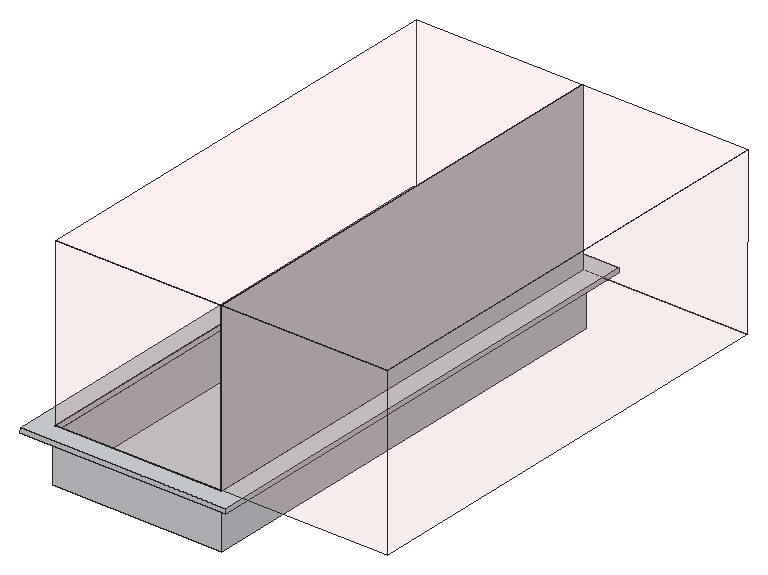
Revit family "Hager-VOLTA-Hollow_wall-IP30-With_Cover-Without_DIN-Hosted-DE-de", category Electrical Equipment, host Face, Revit 2023
Family settings
  Host = Face
  Panel Configuration = Two Columns, Circuits Across
  Round Connector Dimension = Use Diameter
  Part Type = Panelboard
  Cut with Voids When Loaded = No
  Maintain Annotation Orientation = Yes
  Shared = No
  Room Calculation Point = No
Parameters (values of type "VOLTA-Hollow_wall_W348_H880_D98_12_Modular_Spacing-VH60WWH")
  Width Control [instance] = if([HG000006-Flush mounted], if([EF000846 - Einbaubreite] > min_whd, [EF000846 - Einbaubreite], min_whd), if([EF000008 - Breite] > min_whd, ([EF000008 - Breite]), min_whd))  # 314.5 mm
  Void Depth [instance] = if([HG000006-Flush mounted], Depth Control, 1 mm)  # 89 mm
  Uniformat code = "D501001"
  Uniformat = "Low Tension Service & Dist."
  Type Comments = ""
  System Height [instance] = Height Control - 2 * [HG000005-Dicke]  # 841 mm
  Reference description = ""
  Reference = "VOLTA-Hollow_wall_W348_H880_D98_12_Modular_Spacing-VH60WWH"
  Object type = ""
  Name hager = "ADD_Enclosures_EC000214"
  Name BIM&CO = "Electricity"
  Name = "VOLTA-Hollow_wall-IP30-With_Cover-Without_DIN-DE"
  Model = ""
  HGEF0002950-Breite in Teilungseinheiten = 12
  HGEF000266-Anzahl der Reihen = 0
  HG000131 - Funktionell label [instance] = ""
  HG000130 - Functional name [instance] = ""
  HG000099-Onfly Template ID-de-DE = "507532"
  HG000060-RAL-number = "9010"
  HG000059 - Betriebsspannung [instance] = 230 V
  HG000017-Distanz zwischen den Polen = 18 mm
  HG000016-3D-Türsichtbarkeit = yes
  HG000015-Sichtbarkeit der Türöffnung = yes
  HG000014-Tür rechts = yes
  HG000013-Tür links = no
  HG000012-Türschwenkwinkel = 90.00°
  HG000011-Leere Reihen von unten = no
  HG000010-Asymmetrische Türen = no
  HG000009-Doppelflügeligen Tür = no
  HG000008-Anzahl der leeren Reihen = 0
  HG000007-Anzahl der leeren Spalten = 0
  HG000006-Flush mounted = yes
  HG000005-Dicke = 2 mm
  HG000004-Herstellerreferenz = "VH60WWH"
  HG000003-Bereich = "VOLTA"
  HG000002-Mit tür = yes
  HG000001-Anzahl der Spalten = 0
  GTIN (Global Trade Item Number) = ""
  ETIM class name = "Small distribution board"
  ETIM class code = "EC000214"
  EF015941 - Signaldurchlassende Tür = yes
  EF015777 - Neutralleiterklemmenblock = no
  EF015776 - Erdungsklemmenblock = no
  EF009212 - Ausführung Deckel = "mit Ausschnitt"
  EF006306 - Mit Schloss = no
  EF006244 - Transparenter Deckel/Tür = no
  EF005474 - Schutzart (IP) = "IP30"
  EF004464 - Art der Tür = ""
  EF004462 - Art der Schließung = "sonstige"
  EF002950 - Breite in Teilungseinheiten = 12
  EF001596 - Werkstoff des Gehäuses = ""
  EF001134 - DIN-Schiene = no
  EF001131 - Innentiefe = 0 mm
  EF001088 - Anbaumöglichkeit = yes
  EF001062 - EMV-Ausführung = no
  EF000846 - Einbaubreite = 314.5 mm
  EF000339 - Art der Abdeckung = ""
  EF000332 - Einbauhöhe = 845 mm
  EF000266 - Anzahl der Reihen = 0
  EF000218 - Einbautiefe = 89 mm
  EF000118 - Mit Montageplatte = yes
  EF000116 - RAL-Nummer = 9010
  EF000049 - Tiefe = 98 mm
  EF000040 - Höhe = 880 mm
  EF000024 - UV-beständig = no
  EF000008 - Breite = 348 mm
  EF000007 - Farbe = "weiß"
  EF000003 - Montageart = "Hohlwand"
  Creation Date = "12/15/2025 21:44:53"
  Code hager = "ADD-EC000214_EU"
  BIM&CO code = ""
  BC_VARIANT_ID = "1174190"
  BC_OBJECT_VERSION = "#3"  # constant formula
  BC_OBJECT_ID = "513479"  # constant formula
  BC_MODEL_ID = "1547175"  # constant formula
  Arrow Offset [instance] = Depth Control / 8  # 11.125 mm
  Arrow Height [instance] = Depth Control - Arrow Offset  # 77.875 mm
  Host Offset [instance] = if([HG000006-Flush mounted], 0 mm, [EF000049 - Tiefe])  # 0 mm
  min_whd [instance] = (2 * [HG000005-Dicke]) + 1 mm  # 5 mm
  Manufacturer = "Hager"  # constant formula
  Height Control [instance] = if([HG000006-Flush mounted], if([EF000332 - Einbauhöhe] > min_whd, [EF000332 - Einbauhöhe], min_whd), if([EF000040 - Höhe] > min_whd, ([EF000040 - Höhe]), min_whd))  # 845 mm
  Flush Mounted - Door Frame Width [instance] = if(([EF000040 - Höhe] - [EF000332 - Einbauhöhe]) > 0 mm, if([HG000006-Flush mounted], [EF000040 - Höhe] - [EF000332 - Einbauhöhe], 0 mm), 0 mm)  # 35 mm
  Depth Control [instance] = if([HG000006-Flush mounted], if([EF000218 - Einbautiefe] > 0 mm, [EF000218 - Einbautiefe], 1 mm), if([EF000049 - Tiefe] > 0 mm, ([EF000049 - Tiefe]), 1 mm))  # 89 mm
  Default Elevation = 0 mm
Types (6, lengths in mm): name | System Height | Reference | HG000004-Herstellerreferenz | EF015941 - Signaldurchlassende Tür | EF000332 - Einbauhöhe | EF000040 - Höhe | BC_VARIANT_ID | Height Control
  VOLTA-Hollow_wall_W348_H630_D98_12_Modular_Spacing-VH36NW | 591 | "VOLTA-Hollow_wall_W348_H630_D98_12_Modular_Spacing-VH36NW" | "VH36NW" | no | 595 | 630 | "1174185" | 595
  VOLTA-Hollow_wall_W348_H630_D98_12_Modular_Spacing-VH36WWH | 591 | "VOLTA-Hollow_wall_W348_H630_D98_12_Modular_Spacing-VH36WWH" | "VH36WWH" | yes | 595 | 630 | "1174186" | 595
  VOLTA-Hollow_wall_W348_H755_D98_12_Modular_Spacing-VH48NW | 716 | "VOLTA-Hollow_wall_W348_H755_D98_12_Modular_Spacing-VH48NW" | "VH48NW" | no | 720 | 755 | "1174187" | 720
  VOLTA-Hollow_wall_W348_H755_D98_12_Modular_Spacing-VH48WWH | 716 | "VOLTA-Hollow_wall_W348_H755_D98_12_Modular_Spacing-VH48WWH" | "VH48WWH" | yes | 720 | 755 | "1174188" | 720
  VOLTA-Hollow_wall_W348_H880_D98_12_Modular_Spacing-VH60NW | 841 | "VOLTA-Hollow_wall_W348_H880_D98_12_Modular_Spacing-VH60NW" | "VH60NW" | no | 845 | 880 | "1174189" | 845
  VOLTA-Hollow_wall_W348_H880_D98_12_Modular_Spacing-VH60WWH | 841 | "VOLTA-Hollow_wall_W348_H880_D98_12_Modular_Spacing-VH60WWH" | "VH60WWH" | yes | 845 | 880 | "1174190" | 845
Reference planes
  plane 1 "Center (Front/Back)": y = 0
  plane 2: z = 0
  plane 3 "Center (Left/Right)": x = 0
  plane 4: z = 0
  plane 5: y = 37
  plane 6: z = -5
  plane 7: y = 457.5
  plane 8: y = 35
  plane 9: y = 880
  plane 10: z = -89
  plane 11: x = -157.25
  plane 12: x = 157.25
  plane 13: x = 155.25
  plane 14: x = -155.25
  plane 15: y = 878
  plane 16: z = -87
  plane 17: z = -2
  plane 18: z = -89
  plane 19: z = -2
  plane 20 "Annotation H": y = -100
  plane 21 "Annotation V": x = 457.25
Forms (mm)
  Extrusion 1, solid
    sketch origin (-583.045, 35, 1219.2) x (-1, 0, 0) y (0, 0, 1)
      loop
        line (-425.795, -1219.2) -> (-740.295, -1219.2) -> (-740.295, -1308.2) -> (-425.795, -1308.2) -> (-425.795, -1219.2)
    from 0 to 845 <- "Height Control"
  Extrusion 2, void
    sketch origin (-381.607, -4572, 0) x (0, -1, 0) y (-1, 0, 0)
      loop
        line (-5450, -226.357) -> (-5450, -536.857) -> (-4609, -536.857) -> (-4609, -226.357) -> (-5450, -226.357)
    from 0 to 87
  Extrusion 3, void
    sketch origin (0, 0, 0) x (1, 0, 0) y (0, 1, 0)
      loop
        line (-157.25, 35) -> (157.25, 35) -> (157.25, 880) -> (-157.25, 880) -> (-157.25, 35)
    from -89 to 1
  Extrusion 4, solid, detail levels coarse+medium
    sketch origin (-381.607, -4572, 0) x (-1, 0, 0) y (0, -1, 0)
      loop
        line (-226.357, -5450) -> (-226.357, -4609) -> (-536.857, -4609) -> (-536.857, -5450) -> (-226.357, -5450)
    from 0 to -2
Cuts and joins
  Extrusion 2 cuts Extrusion 1
Dimensions and locks
  plane 4 to plane 6 = 5 mm
  "Host Offset": plane 4 to host face
  "Flush Mounted - Door Frame Width": plane 1 "Center (Front/Back)" to plane 8
  "HG000005-Dicke": plane 5 to plane 8
  locked: connector elem to plane 3 "Center (Left/Right)"
  "Height Control": plane 9 to plane 8
  equal spacing: plane 9, plane 7, plane 8
  locked: connector elem to plane 7
  "Depth Control": plane 4 to plane 10
  "HG000005-Dicke": plane 11 to plane 14
  "HG000005-Dicke": plane 12 to plane 13
  equal spacing: plane 11, plane 3 "Center (Left/Right)", plane 12
  "Width Control": plane 11 to plane 12
  "Arrow Offset": nested 4 to plane 10
  "HG000005-Dicke": plane 9 to plane 15
  "HG000005-Dicke": plane 16 to plane 10
  "HG000005-Dicke": plane 4 to plane 17
  "Void Depth": plane 2 to plane 18
  "HG000005-Dicke": plane 4 to plane 19
  locked: plane 20 "Annotation H" to plane 1 "Center (Front/Back)" at 100
  locked: plane 12 to plane 21 "Annotation V" at 300
  aligned and locked: plane 2 to host face
  aligned and locked: level to host face
  aligned and locked: plane 3 "Center (Left/Right)" to nested 2
  aligned and locked: plane 4 to nested 2
  aligned and locked: nested 2 to plane 8
  aligned and locked: nested 1 to plane 6
  aligned and locked: plane 5 to nested 1
  aligned and locked: nested 4 to plane 11
  aligned and locked: nested 3 to plane 4
  aligned and locked: Extrusion 1 sketch curve to plane 12
  aligned and locked: Extrusion 1 sketch curve to plane 11
  aligned and locked: nested 3 to plane 10
  aligned and locked: plane 10 to Extrusion 1 sketch curve
  aligned and locked: plane 5 to Extrusion 2 sketch curve
  aligned and locked: Extrusion 2 sketch curve to plane 15
  aligned and locked: Extrusion 2 sketch curve to plane 14
  aligned and locked: Extrusion 2 sketch curve to plane 13
  aligned and locked: plane 11 to Extrusion 3 sketch curve
  aligned and locked: plane 9 to Extrusion 3 sketch curve
  aligned and locked: Extrusion 3 sketch curve to plane 8
  aligned and locked: plane 12 to Extrusion 3 sketch curve
  aligned and locked: nested 3 to plane 12
  aligned and locked: Extrusion 3 to plane 18
  aligned and locked: Extrusion 2 to plane 16
  aligned and locked: Extrusion 1 sketch curve to plane 4
  aligned and locked: Extrusion 4 to plane 17
  aligned and locked: Extrusion 4 sketch curve to plane 15
  aligned and locked: Extrusion 4 sketch curve to plane 13
  aligned and locked: Extrusion 4 sketch curve to plane 14
  aligned and locked: plane 5 to Extrusion 4 sketch curve
  aligned and locked: nested 5 to plane 21 "Annotation V"
  aligned and locked: plane 20 "Annotation H" to nested 5
Automatic sketch dimensions
  host sketch curve to host sketch curve = 1469.727 mm
  host sketch curve to host sketch curve = 1434.803 mm
Nested families
  nested 1: "Hager_Enclosure_System" at (0, 37, -5) x (1, 0, 0) z (0, 1, 0), Height <- "System Height", Flush_Mounted <- "HG000006-Flush mounted", Width_Control <- "Width Control", Built-in_Width <- "EF000846 - Einbaubreite", Width <- "EF000008 - Breite", Depth <- "HG000005-Dicke", Border <- "HG000005-Dicke", Distance_Between_Poles <- "HG000017-Distanz zwischen den Polen", Empty_Columns <- "HG000007-Anzahl der leeren Spalten", Total_No_Empty_Rows <- "HG000008-Anzahl der leeren Reihen", Empty_Rows_From_Bottom <- "HG000011-Leere Reihen von unten", Columns_Count <- "HG000001-Anzahl der Spalten", Rows_Count <- "HGEF000266-Anzahl der Reihen", Row_Module_Multiplicator <- "HGEF0002950-Breite in Teilungseinheiten", type "Hager_Enclosure_System", detail levels fine
    with Width_Control 314.5 mm, Width 348 mm, Total_No_Rows 0, Total_No_Empty_Rows 0, Total_No_Columns 1, System_Width 310.5 mm, Rows_Count 0, Rows_Column 0, Row_Module_Multiplicator 12, Panel_4 no, Panel_3 no, Panel_2 no, Panel_1 no, No_Panels_Ctrl 1, Hide_Columns yes, Height 841 mm, Flush_Mounted yes, Empty_Rows_From_Bottom no, Empty_Rows_Column 0, Empty_Columns 0, Empty column 4 0, Empty column 3 0, Empty column 2 0, Empty column 1 0, Distance_Between_Poles 18 mm, Depth 2 mm, Columns_Count 0, Column_Width 310.5 mm, Built-in_Width 314.5 mm, Border 2 mm
  nested 2: "Hager_Enclosure_Door" at (0, 35, 0) x (1, 0, 0) z (0, 1, 0), Flush_Mounted <- "HG000006-Flush mounted", Height_Ctrl <- "Height Control", Width_Ctrl <- "Width Control", BuiltIn_Depth <- "EF000218 - Einbautiefe", Depth <- "EF000049 - Tiefe", BuiltIn_Width <- "EF000846 - Einbaubreite", Height <- "EF000040 - Höhe", BuiltIn_Height <- "EF000332 - Einbauhöhe", Width <- "EF000008 - Breite", Transparent <- "EF006244 - Transparenter Deckel/Tür", Border <- "HG000005-Dicke", Door <- "HG000002-Mit tür", Double <- "HG000009-Doppelflügeligen Tür", Assymetrical <- "HG000010-Asymmetrische Türen", Angle <- "HG000012-Türschwenkwinkel", Door_Left <- "HG000013-Tür links", Door_Right <- "HG000014-Tür rechts", Clearance <- "HG000015-Sichtbarkeit der Türöffnung", 3d_Door <- "HG000016-3D-Türsichtbarkeit", type "Hager_Enclosure_Door", detail levels medium+fine
    with min_wh 5 mm, Width_Ctrl 314.5 mm, Width 348 mm, Transparent_Door_No_Bottom_Border no, Transparent no, Leaf_Width 307.5 mm, Leaf_Tolerance 1.5 mm, Leaf_Height 838 mm, Leaf_2_Width 307.5 mm, Leaf_2_Offset 153.75 mm, Leaf_1_Width 307.5 mm, Leaf_1_Offset 153.75 mm, Height_Ctrl 845 mm, Height 880 mm, Frame_Width_Ctrl 33.5 mm, Frame_Width 33.5 mm, Frame_Internal_Offset 2 mm, Frame_Height_Ctrl 35 mm, Frame_Height 35 mm, Frame_Depth_Ctrl 9 mm, Frame_Depth 9 mm, Flush_Mounted yes, Double_Clearance_Ctrl no, Double no, Door_Right_Ctrl yes, Door_Right yes, Door_Left_Ctrl no, Door_Left no, Door yes, Depth 98 mm, Clearance_Depth 307.5 mm, Clearance_Ctrl yes, Clearance yes, BuiltIn_Width 314.5 mm, BuiltIn_Height 845 mm, BuiltIn_Depth 89 mm, Border 2 mm, Assymetrical no, Angle 90.00°, 3d_Door yes
  nested 3: "Hager_Enclosure_Symbol_Triangle" at (-157.25, 0, -89) x (1, 0, 0) z (0, -1, 0), Depth <- "Depth Control", Width <- "Width Control", type "Hager_Enclosure_Symbol_Triangle"
    with Width_Ctrl 314.5 mm, Width 314.5 mm, Depth_Ctrl 89 mm, Depth 89 mm
  nested 4: "Hager_Enclosure_Symbol_Arrow" at (-157.25, 0, -77.875) x (1, 0, 0) z (0, -1, 0), Height <- "Arrow Height", type "Hager_Enclosure_Symbol_Arrow"
    with Width_Inside 5.841 mm, Width 70.087 mm, Height_Ctrl 77.875 mm, Height 77.875 mm
  nested 5: "Hager_Annotation-HG000130" at (457.25, -100, 0) x (-1, 0, 0) z (0, 0, 1), HG000130 - Functional name <- "HG000130 - Functional name", type "Hager_Annotation-HG000130"
    with HG000130 - Functional name ""
Connectors
  electrical at (0, 457.5, -89)
    settings: on plane 10, index 1, voltage 0 V, apparent load 0 VA, apparent load phase1 0 VA, apparent load phase2 0 VA, apparent load phase3 0 VA, power factor 1, load classification "Other", number of poles 1, system type 30, power factor state 1, is connector primary yes, connector utility no, sub classification motor no, connector description ""
Definition of nested family "Hager_Enclosure_Door"
  Parameters (values of type "Hager_Enclosure_Door")
    min_wh [instance] = (2 * Border) + 1 mm  # 11 mm
    Width_Ctrl [instance] = 400 mm
    Width [instance] = 500 mm
    Transparent_Door_No_Bottom_Border [instance] = no
    Transparent [instance] = yes
    Leaf_Width [instance] = if((Width_Ctrl - 2 * Border - 2 * Leaf_Tolerance) > 0 mm, (Width_Ctrl - 2 * Border - 2 * Leaf_Tolerance), min_wh)  # 387 mm
    Leaf_Tolerance [instance] = 1.5 mm  # constant formula
    Leaf_Height [instance] = if((Height_Ctrl - 2 * Border - 2 * Leaf_Tolerance) > 0 mm, (Height_Ctrl - 2 * Border - 2 * Leaf_Tolerance), min_wh)  # 387 mm
    Leaf_2_Width [instance] = if(and(and(Double, Assymetrical), Door_Left), (Leaf_Width / 3) - (Leaf_Tolerance / 2), if(and(and(Double, Assymetrical), Door_Right), (Leaf_Width / 3) * 2 - (Leaf_Tolerance / 2), if(and(Double, not(Assymetrical)), (Leaf_Width / 2) - Leaf_Tolerance, Leaf_Width)))  # 387 mm
    Leaf_2_Offset [instance] = if(and(Double, Assymetrical), Leaf_2_Width / 2, if(and(Double, not(Assymetrical)), Leaf_Width / 4, Leaf_Width / 2))  # 193.5 mm
    Leaf_1_Width [instance] = if(and(and(Double, Assymetrical), Door_Right), (Leaf_Width / 3) - (Leaf_Tolerance / 2), if(and(and(Double, Assymetrical), Door_Left), (Width / 3) * 2 - (Leaf_Tolerance / 2), if(and(Double, not(Assymetrical)), (Leaf_Width / 2) - Leaf_Tolerance, Leaf_Width)))  # 387 mm
    Leaf_1_Offset [instance] = if(and(Double, Assymetrical), Leaf_1_Width / 2, if(and(Double, not(Assymetrical)), Leaf_Width / 4, Leaf_Width / 2))  # 193.5 mm
    Height_Ctrl [instance] = 400 mm
    Height [instance] = 500 mm
    Frame_Width_Ctrl [instance] = if(Frame_Width > 0 mm, Frame_Width, 1 mm)  # 1 mm
    Frame_Width [instance] = Width - BuiltIn_Width  # 0 mm
    Frame_Internal_Offset [instance] = if(Flush_Mounted, Border, 0 mm)  # 5 mm
    Frame_Height_Ctrl [instance] = if(Frame_Height > 0 mm, Frame_Height, 1 mm)  # 1 mm
    Frame_Height [instance] = Height - BuiltIn_Height  # 0 mm
    Frame_Depth_Ctrl [instance] = if(Frame_Depth > 0 mm, Frame_Depth, 1 mm)  # 1 mm
    Frame_Depth [instance] = if(Depth - BuiltIn_Depth > 0 mm, if(Flush_Mounted, Depth - BuiltIn_Depth, 0 mm), 0 mm)  # 0 mm
    Flush_Mounted [instance] = yes
    Double_Clearance_Ctrl [instance] = and(Double, Clearance)  # no
    Double [instance] = no
    Door_Right_Ctrl [instance] = and(or(Door_Right, Double), Door)  # yes
    Door_Right [instance] = yes
    Door_Left_Ctrl [instance] = and(or(Door_Left, Double), Door)  # no
    Door_Left [instance] = no
    Door [instance] = yes
    Depth [instance] = 500 mm
    Default Elevation = 1219.2 mm
    Clearance_Material = none
    Clearance_Depth [instance] = if(Leaf_1_Width > Leaf_2_Width, Leaf_1_Width, Leaf_2_Width)  # 387 mm
    Clearance_Ctrl [instance] = and(not(Double), Clearance)  # yes
    Clearance [instance] = yes
    BuiltIn_Width [instance] = 500 mm
    BuiltIn_Height [instance] = 500 mm
    BuiltIn_Depth [instance] = 500 mm
    Border [instance] = 5 mm
    Assymetrical [instance] = yes
    Angle [instance] = 30.00°
    3d_Door [instance] = yes
  Reference planes
    plane 1 "Center (Front/Back)": y = 0
    plane 2 "Bottom": z = 0
    plane 3 "Center (Left/Right)": x = 0
    plane 4: z = 400
    plane 5: x = -200
    plane 6: x = 200
    plane 7: z = 395
    plane 8: x = -195
    plane 9: z = 5
    plane 10: x = 195
    plane 11: y = 0
    plane 12: z = 6.5
    plane 13: x = -582
    plane 14: y = -387
    plane 15: x = 582
    plane 16: x = 0
    plane 17: x = 0
    plane 18: x = -193.5
    plane 19: x = 193.5
    plane 20: z = 393.5
  Forms (mm)
    Extrusion 1, solid, visible <- "Flush_Mounted"
      sketch origin (0, 0, 0) x (1, 0, 0) y (0, 0, 1)
        loop
          line (195, 5) -> (195, 395) -> (-195, 395) -> (-195, 5) -> (195, 5)
        loop
          line (-201, 401) -> (-201, -1) -> (201, -1) -> (201, 401) -> (-201, 401)
      from 0 to 1 <- "Frame_Depth_Ctrl"
    Extrusion 2, solid, material <- "Clearance_Material", visible <- "Double_Clearance_Ctrl"
      sketch origin (1200, 0, 0) x (1, 0, 0) y (0, 0, -1)
        loop
          line (-1782, -393.5) -> (-618, -393.5) -> (-618, 0) -> (-1782, 0) -> (-1782, -393.5)
      from 0 to -387
  Dimensions and locks
    equal spacing: plane 5, plane 3 "Center (Left/Right)", plane 6
    "Width_Ctrl": plane 5 to plane 6
    "Border": plane 5 to plane 8
    "Border": plane 6 to plane 10
    "Border": plane 9 to level
    "Border": plane 4 to plane 7
    "Height_Ctrl": plane 4 to level
    "Leaf_Tolerance": plane 12 to plane 9
    "Frame_Depth": plane 11 to plane 1 "Center (Front/Back)"
    "Frame_Width_Ctrl": plane 5 to Extrusion 1 sketch curve
    "Frame_Width_Ctrl": plane 6 to Extrusion 1 sketch curve
    "Frame_Width_Ctrl": Extrusion 1 sketch curve to plane 4
    "Frame_Width_Ctrl": plane 2 "Bottom" to Extrusion 1 sketch curve
    "Leaf_1_Offset": plane 18 to plane 16
    "Leaf_2_Offset": plane 17 to plane 19
    "Leaf_1_Width": plane 13 to plane 8
    "Leaf_2_Width": plane 10 to plane 15
    "Clearance_Depth": plane 14 to plane 1 "Center (Front/Back)"
    "Leaf_Tolerance": plane 8 to plane 18
    "Leaf_Tolerance": plane 19 to plane 10
    "Leaf_Tolerance": plane 7 to plane 20
    "Frame_Internal_Offset": plane 5 to Extrusion 1 sketch curve
    "Frame_Internal_Offset": Extrusion 1 sketch curve to plane 2 "Bottom"
    "Frame_Internal_Offset": plane 6 to Extrusion 1 sketch curve
    "Frame_Internal_Offset": plane 4 to Extrusion 1 sketch curve
    aligned and locked: level to plane 2 "Bottom"
    aligned and locked: nested 1 to plane 16
    aligned and locked: nested 2 to plane 17
    aligned and locked: Extrusion 2 to plane 13
    aligned and locked: plane 15 to Extrusion 2
    aligned and locked: Extrusion 2 to plane 14
    aligned and locked: plane 12 to nested 1
    aligned and locked: nested 2 to plane 12
    aligned and locked: Extrusion 2 to plane 11
    aligned and locked: plane 20 to Extrusion 2
    aligned and locked: nested 2 to plane 11
    aligned and locked: nested 1 to plane 11
  Automatic sketch dimensions
    Extrusion 2 sketch curve to level = 0 mm
    plane 5 to Extrusion 2 sketch curve = 382 mm
    plane 6 to Extrusion 2 sketch curve = 382 mm
    Extrusion 2 sketch curve to plane 4 = 6.5 mm
  Nested families
    nested 1: "Hager_Enclosure_Door_Leaf" at (0, 0, 6.5), Width <- "Leaf_1_Width", visible <- "Door_Left_Ctrl", Leaf_Height <- "Leaf_Height", Angle <- "Angle", Depth <- "Border", 3d_Door <- "3d_Door", Transparent <- "Transparent", Clearance Material <- "Clearance_Material", Clearance <- "Clearance_Ctrl", Transparent_Door_No_Bottom_Border <- "Transparent_Door_No_Bottom_Border", type "Hager_Enclosure_Door_Leaf"
      with Width 387 mm, Transparent_Door_No_Bottom_Border no, Transparent_Door_Border_Bottom_Top 25 mm, Transparent_Door_Border 25 mm, Transparent_Ctrl yes, Transparent yes, Standard no, Leaf_Height 387 mm, Glass_Offset 1 mm, Depth 5 mm, Clearance Material none, Clearance yes, Angle_Ctrl 30.00°, Angle 30.00°, 3d_Door yes
    nested 2: "Hager_Enclosure_Door_Leaf" at (0, 0, 6.5) x (-1, 0, 0) z (0, 0, 1), Width <- "Leaf_2_Width", visible <- "Door_Right_Ctrl", Leaf_Height <- "Leaf_Height", Angle <- "Angle", Depth <- "Border", 3d_Door <- "3d_Door", Transparent <- "Transparent", Clearance Material <- "Clearance_Material", Clearance <- "Clearance_Ctrl", Transparent_Door_No_Bottom_Border <- "Transparent_Door_No_Bottom_Border", type "Hager_Enclosure_Door_Leaf"
      with Width 387 mm, Transparent_Door_No_Bottom_Border no, Transparent_Door_Border_Bottom_Top 25 mm, Transparent_Door_Border 25 mm, Transparent_Ctrl yes, Transparent yes, Standard no, Leaf_Height 387 mm, Glass_Offset 1 mm, Depth 5 mm, Clearance Material none, Clearance yes, Angle_Ctrl 30.00°, Angle 30.00°, 3d_Door yes
  Definition of nested family "Hager_Enclosure_Door_Leaf"
    Parameters (values of type "Hager_Enclosure_Door_Leaf")
      Width [instance] = 2000 mm
      Transparent_Door_No_Bottom_Border [instance] = yes
      Transparent_Door_Border_Bottom_Top [instance] = if(Transparent_Door_No_Bottom_Border, 0.1 mm, Transparent_Door_Border)  # 0.1 mm
      Transparent_Door_Border [instance] = if(Transparent_Door_No_Bottom_Border, (Width * 0.12), 25 mm)  # 240 mm
      Transparent_Ctrl [instance] = and(Transparent, [3d_Door])  # yes
      Transparent [instance] = yes
      Standard [instance] = and(not(Transparent), [3d_Door])  # no
      Leaf_Height [instance] = 2720.336 mm
      Glass_Offset [instance] = if((Depth - 10 mm) / 2 > 0 mm, (Depth - 10 mm) / 2, 1 mm)  # 15 mm
      Glass_Material = none
      Depth [instance] = 40 mm
      Default Elevation = 0 mm
      Clearance Material [instance] = none
      Clearance [instance] = yes
      Angle_Ctrl [instance] = if(Angle > 170.00°, 170.00°, Angle)  # 45.00°
      Angle [instance] = 45.00°
      3d_Door [instance] = yes
    Reference planes
      plane 1 "Center (Front/Back)": y = 0
      plane 2: z = 0
      plane 3 "Center (Left/Right)": x = 0
      plane 4: y = 2000
      plane 5: x = -1000
      plane 6: x = 1000
      plane 7: x = -3000
      plane 8: z = 2720.336
      plane 9: z = 0.1
      plane 10: z = 2720.236
      plane 11: x = 760
      plane 12: x = -760
    Forms (mm)
      Extrusion 1, solid, material <- "Clearance Material", visible <- "Clearance"
        sketch origin (0, 0, 0) x (1, 0, 0) y (0, 0, 1)
          loop
            line (-3000, 2720.336) -> (-3000, 0) -> (1000, 0) -> (1000, 2720.336) -> (-3000, 2720.336)
        from 0 to -2000
      Extrusion 2, solid, visible <- "Standard", detail levels medium+fine
        sketch origin (-1000, 0, 0) x (0.707107, 0.707107, 0) y (-0.707107, 0.707107, 0)
          loop
            line (0, -40) -> (2000, -40) -> (2000, 0) -> (0, 0) -> (0, -40)
        from 0 to 2720.336 <- "Leaf_Height"
      Extrusion 3, solid, visible <- "Transparent_Ctrl", detail levels medium+fine
        sketch origin (-1000, 0, 0) x (0.707107, 0.707107, 0) y (-0.707107, 0.707107, 0)
          loop
            line (0, -40) -> (2000, -40) -> (2000, 0) -> (0, 0) -> (0, -40)
        from 0 to 2720.336 <- "Leaf_Height"
      Extrusion 4, void, detail levels medium+fine
        sketch origin (-1000, 0, 0) x (-0.707107, 0.707107, 0) y (0.707107, 0.707107, 0)
          loop
            line (0, 240) -> (0, 1760) -> (-40, 1760) -> (-40, 240) -> (0, 240)
        from -2720.236 to -0.1
      Extrusion 5, solid, material <- "Glass_Material", visible <- "Transparent_Ctrl", detail levels medium+fine
        sketch origin (-1000, 0, 0) x (0.707107, 0.707107, 0) y (-0.707107, 0.707107, 0)
          loop
            line (240, -15) -> (240, -25) -> (1760, -25) -> (1760, -15) -> (240, -15)
        from 0.1 to 2720.236
    Cuts and joins
      Extrusion 4 cuts Extrusion 3
    Lines and regions (mm)
      symbolic lines
        curve 1: line (1000, 0, 0) -> (-3000, 0, 0)
        curve 2: arc (1000, 0, 0) -> (-1000, 2000, 0) -> (-3000, 0, 0) r 2000
        curve 4: line (-1000, 0, 0) -> (414.214, 1414.214, 0)
      reference lines
        curve 3: line (-1000, 0, 0) -> (414.214, 1414.214, 0)
      symbolic lines, detail levels medium+fine
        curve 5: line (414.214, 1414.214, 0) -> (442.498, 1385.929, 0)
        curve 6: line (442.498, 1385.929, 0) -> (-971.716, -28.284, 0)
        curve 7: line (-971.716, -28.284, 0) -> (-1000, 0, 0)
        curve 8: line (-1000, 0, 2720.336) -> (1000, 0, 2720.336)
        curve 9: line (-1000, 0, 0) -> (-1000, 0, 2720.336)
        curve 10: line (1000, 0, 0) -> (-1000, 0, 0)
        curve 11: line (1000, 0, 2720.336) -> (1000, 0, 0)
      symbolic lines, visible <- "Transparent_Ctrl", detail levels medium+fine
        curve 12: line (-760, 0, 2720.236) -> (760, 0, 2720.236)
        curve 13: line (-760, 0, 0.1) -> (-760, 0, 2720.236)
        curve 14: line (760, 0, 0.1) -> (-760, 0, 0.1)
        curve 15: line (760, 0, 2720.236) -> (760, 0, 0.1)
    Dimensions and locks
      "Width": plane 1 "Center (Front/Back)" to plane 4
      equal spacing: plane 5, plane 3 "Center (Left/Right)", plane 6
      "Width": plane 5 to plane 6
      "Width": plane 7 to plane 5
      "Leaf_Height": plane 8 to level
      "Depth": curve 6 to curve 3
      "Width": curve 5 to curve 3
      "Width": curve 3 to curve 3
      "Transparent_Door_Border": Extrusion 4 sketch curve to curve 7
      "Transparent_Door_Border": Extrusion 4 sketch curve to curve 5
      "Transparent_Door_Border_Bottom_Top": plane 8 to plane 10
      "Transparent_Door_Border_Bottom_Top": plane 9 to level
      "Glass_Offset": Extrusion 5 sketch curve to curve 4
      "Glass_Offset": Extrusion 5 sketch curve to curve 6
      "Transparent_Door_Border": Extrusion 5 sketch curve to curve 5
      "Transparent_Door_Border": Extrusion 5 sketch curve to curve 7
      "Transparent_Door_Border": plane 12 to plane 5
      "Transparent_Door_Border": plane 6 to plane 11
      "Angle_Ctrl": angle plane 1 "Center (Front/Back)" to curve 3
      aligned and locked: level to plane 2
      aligned and locked: Extrusion 1 to curve 1
      aligned and locked: plane 6 to Extrusion 1
      aligned and locked: Extrusion 1 to plane 1 "Center (Front/Back)"
      aligned and locked: plane 4 to Extrusion 1
      aligned and locked: plane 8 to Extrusion 1
      aligned and locked: curve 4 to curve 3
      aligned and locked: Extrusion 2 sketch curve to curve 7
      aligned and locked: Extrusion 2 sketch curve to curve 6
      aligned and locked: Extrusion 2 sketch curve to curve 5
      aligned and locked: Extrusion 2 sketch curve to curve 3
      aligned and locked: curve 7 to Extrusion 3 sketch curve
      aligned and locked: Extrusion 3 sketch curve to curve 4
      aligned and locked: Extrusion 3 sketch curve to curve 6
      aligned and locked: Extrusion 3 sketch curve to curve 5
      aligned and locked: curve 4 to Extrusion 4 sketch curve
      aligned and locked: curve 6 to Extrusion 4 sketch curve
      aligned and locked: Extrusion 4 to plane 9
      aligned and locked: Extrusion 4 to plane 10
      aligned and locked: Extrusion 5 to plane 9
      aligned and locked: Extrusion 5 to plane 10
      aligned and locked: curve 8 to plane 8
      aligned and locked: plane 5 to curve 9
      aligned and locked: plane 2 to curve 10
      aligned and locked: curve 11 to plane 6
      aligned and locked: plane 10 to curve 12
      aligned and locked: plane 12 to curve 13
      aligned and locked: curve 14 to plane 9
      aligned and locked: plane 11 to curve 15
    Automatic sketch dimensions
      plane 1 "Center (Front/Back)" to curve 2 = 0 mm
      curve 2 to plane 5 = 0 mm
      Extrusion 1 sketch curve to level = 0 mm
      Extrusion 1 sketch curve to plane 7 = 0 mm
      Extrusion 1 sketch curve to plane 6 = 0 mm
      Extrusion 1 sketch curve to plane 8 = 0 mm
      plane 1 "Center (Front/Back)" to curve 3 = 0 mm
      curve 3 to plane 5 = 0 mm
      curve 7 to curve 3 = 0 mm
Definition of nested family "Hager_Enclosure_Symbol_Triangle"
  Parameters (values of type "Hager_Enclosure_Symbol_Triangle")
    Width_Ctrl [instance] = if(Width > 1 mm, Width, 1 mm)  # 498 mm
    Width [instance] = 498 mm
    Depth_Ctrl [instance] = if(Depth > 1 mm, Depth, 1 mm)  # 72 mm
    Depth [instance] = 72 mm
  Reference planes
    plane 1 "Centre (avant/arrière)": y = 0
    plane 2: z = 0
    plane 3 "Centre (gauche/droite)": x = 0
  Lines and regions (mm)
    Filled region 1, type "Solid_Black", in view "Niveau de réf."
      outline origin (0, 0, 0) x (1, 0, 0) y (0, 1, 0)
        loop
          line (0, 0) -> (498, 0) -> (498, 72) -> (0, 0)
    reference lines, in view "Niveau de réf."
      curve 1: line (-206.153, 72, 0) -> (1083.258, 72, 0)
      curve 2: line (498, 405.456, 0) -> (498, -517.619, 0)
  Dimensions and locks
    "Depth_Ctrl": plane 1 "Centre (avant/arrière)" to curve 1
    "Width_Ctrl": plane 3 "Centre (gauche/droite)" to curve 2
    aligned and locked: curve 1 to Filled region 1 sketch curve
    aligned and locked: Filled region 1 sketch curve to plane 1 "Centre (avant/arrière)"
    aligned and locked: curve 2 to Filled region 1 sketch curve
    aligned and locked: plane 3 "Centre (gauche/droite)" to Filled region 1 sketch curve
    aligned and locked: plane 1 "Centre (avant/arrière)" to Filled region 1 sketch curve
  Automatic sketch dimensions
    curve 1 to plane 3 "Centre (gauche/droite)" = 206.153 mm
    curve 2 to curve 1 = 585.258 mm
    plane 1 "Centre (avant/arrière)" to curve 2 = 517.619 mm
    curve 2 to plane 1 "Centre (avant/arrière)" = 405.456 mm
Definition of nested family "Hager_Enclosure_Symbol_Arrow"
  Parameters (values of type "Hager_Enclosure_Symbol_Arrow")
    Width_Inside [instance] = if(Width / 12 > 2 mm, Width / 12, 2 mm)  # 4.987 mm
    Width [instance] = if(Height_Ctrl * 0.9 > 2 mm, Height_Ctrl * 0.9, 2 mm)  # 59.85 mm
    Height_Ctrl [instance] = if(Height > 2 mm, Height, 2 mm)  # 66.5 mm
    Height [instance] = 66.5 mm
  Reference planes
    plane 1 "Centre (avant/arrière)": y = 0
    plane 2: z = 0
    plane 3 "Centre (gauche/droite)": x = 0
    plane 4: x = 59.85
    plane 5: y = 28.263
    plane 6: y = 38.238
    plane 7: y = 66.5
    plane 8: x = 29.925
    plane 9: y = 33.25
  Lines and regions (mm)
    Filled region 1, type "Solid_Black", in view "Niveau de réf."
      outline origin (0, 0, 0) x (1, 0, 0) y (0, 1, 0)
        loop
          line (59.85, 66.5) -> (37.929, 52.827) -> (51.846, 41.935) -> (59.85, 66.5)
    detail lines, in view "Niveau de réf."
      curve 1: line (0, 0, 0) -> (29.925, 38.238, 0)
      curve 2: line (29.925, 38.238, 0) -> (29.925, 28.263, 0)
      curve 3: line (29.925, 28.263, 0) -> (59.85, 66.5, 0)
  Dimensions and locks
    "Width": plane 3 "Centre (gauche/droite)" to plane 4
    "Height_Ctrl": plane 7 to plane 1 "Centre (avant/arrière)"
    equal spacing: plane 3 "Centre (gauche/droite)", plane 8, plane 4
    equal spacing: plane 7, plane 9, plane 1 "Centre (avant/arrière)"
    equal spacing: plane 6, plane 9, plane 5
    "Width_Inside": plane 6 to plane 9
    equal spacing: curve 3, Filled region 1 sketch curve, Filled region 1 sketch curve
    angle Filled region 1 sketch curve to curve 3 = 20.00°
    angle curve 3 to Filled region 1 sketch curve = 20.00°
    locked: curve 3 to Filled region 1 sketch curve (angle 90.00°)
  Automatic sketch dimensions
    plane 1 "Centre (avant/arrière)" to curve 1 = 0 mm
    curve 1 to plane 3 "Centre (gauche/droite)" = 0 mm
    curve 2 to plane 6 = 0 mm
    curve 3 to plane 8 = 0 mm
    curve 3 to plane 4 = 0 mm
    curve 2 to plane 5 = 0 mm
    curve 3 to plane 7 = 0 mm
    Filled region 1 sketch curve to plane 4 = 0 mm
    Filled region 1 sketch curve to plane 7 = 0 mm
Definition of nested family "Hager_Annotation-HG000130"
  Parameters (values of type "Hager_Annotation-HG000130")
    HG000130 - Functional name [instance] = ""
  Reference planes
    plane 1: y = 0
    plane 2: x = 0
  Lines and regions (mm)
    detail lines
      curve 1: line (-27.5, 10, 0) -> (27.5, 10, 0)
      curve 2: line (-27.5, -10, 0) -> (-27.5, 10, 0)
      curve 3: line (27.5, -10, 0) -> (-27.5, -10, 0)
      curve 4: line (27.5, 10, 0) -> (27.5, -10, 0)
  Text (mm)
    label "HG000130 - Functional name" at (0.16, 0.026, 0), shows "HG000130 - Functional name"
